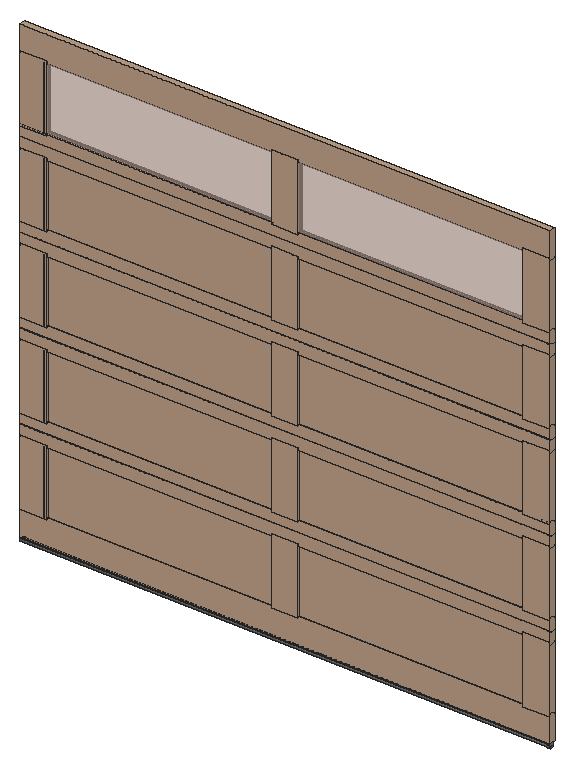
Revit family "GSNGL V 10PGT", category Doors, host Wall, Revit 2024
Family settings
  Host = Wall
  OmniClass Number = 23.30.10.00
  OmniClass Title = Doors
  Always vertical = Yes
  Cut with Voids When Loaded = No
  Shared = No
  Room Calculation Point = No
Parameters
  Wall Opening [instance] = 4880 mm
  Function = Interior
  Frame Projection Ext. = 25 mm
  Frame Projection Int. = 25 mm
  Frame Width = 75 mm
  Height = 2135 mm
  Wall Closure = By host
  Width = 2440 mm
Reference planes
  plane 1: y = 0
  plane 2 "Center (Left/Right)": x = 0
  plane 3: z = 2135
  plane 4 "Exterior": y = 75
  plane 5 "Interior": y = -75
  plane 6 "Garage Bottom": y = 75
  plane 7: z = 19.954
  plane 8 "Garage Top": z = 2190
  plane 9 "Garage Right": x = -1250
  plane 10 "Garage Left": x = 1250
Forms (mm)
  Extrusion 1, solid, material "Rubber"
    sketch origin (1220, -35, -0.049) x (0, 1, 0) y (0, 0, 1)
      loop
        line (-111, 19.909) -> (-111, 16.909) -> (-106, 16.909) -> (-106, 14.004)
        spline (-106, 14.004) -> (-109.192, 11.809) -> (-110.848, 8.808) -> (-110.659, 5.562) -> (-108.66, 2.681) -> (-105.226, 0.703) -> (-101, 0) -> (-96.774, 0.703) -> (-93.34, 2.681) -> (-91.341, 5.562) -> (-91.152, 8.808) -> (-92.808, 11.809) -> (-96, 14.004)
        line (-96, 14.004) -> (-96, 16.909) -> (-91, 16.909) -> (-91, 19.909) -> (-111, 19.909)
      loop
        line (-98, 16.909) -> (-104, 16.909) -> (-104, 14.633)
        arc (-104, 14.633) -> (-101, 15.009) -> (-98, 14.633) r 12.129
        line (-98, 14.633) -> (-98, 16.909)
      loop
        spline (-101, 1.513) -> (-98.929, 1.717) -> (-97, 2.316) -> (-95.343, 3.268) -> (-94.072, 4.509) -> (-93.273, 5.954) -> (-93, 7.505) -> (-93.273, 9.055) -> (-94.072, 10.501) -> (-95.343, 11.742) -> (-97, 12.694) -> (-98.929, 13.292) -> (-101, 13.496)
        spline (-101, 13.496) -> (-103.071, 13.292) -> (-105, 12.694) -> (-106.657, 11.742) -> (-107.928, 10.501) -> (-108.727, 9.055) -> (-109, 7.505) -> (-108.727, 5.954) -> (-107.928, 4.509) -> (-106.657, 3.268) -> (-105, 2.316) -> (-103.071, 1.717) -> (-101, 1.513)
    from -2470 to 30
  Extrusion 2, solid, material "VERSAWOOD (TEST)"
    sketch origin (891.047, 260, 1712.06) x (0, -1, 0) y (-1, 0, 0)
      loop
        line (405, 828.547) -> (405, 953.547) -> (400, 953.547) -> (400, 938.547) -> (390, 938.547) -> (390, 953.547) -> (385, 953.547) -> (385, 951.547)
        arc (385, 951.547) -> (379.704, 949.528) -> (377, 944.547) r 8.162
        line (377, 944.547) -> (375, 944.547) -> (375, 837.547) -> (377, 837.547)
        arc (377, 837.547) -> (379.704, 832.566) -> (385, 830.547) r 8.162
        line (385, 830.547) -> (385, 828.547) -> (390, 828.547) -> (390, 843.547) -> (400, 843.547) -> (400, 828.547) -> (405, 828.547)
    from 46.8 to 358.8
  Extrusion 3, solid, material "VERSAWOOD (TEST)"
    sketch origin (891.047, 260, 1298.014) x (0, -1, 0) y (-1, 0, 0)
      loop
        line (405, 828.547) -> (405, 953.547) -> (400, 953.547) -> (400, 938.547) -> (390, 938.547) -> (390, 953.547) -> (385, 953.547) -> (385, 951.547)
        arc (385, 951.547) -> (379.704, 949.528) -> (377, 944.547) r 8.162
        line (377, 944.547) -> (375, 944.547) -> (375, 837.547) -> (377, 837.547)
        arc (377, 837.547) -> (379.704, 832.566) -> (385, 830.547) r 8.162
        line (385, 830.547) -> (385, 828.547) -> (390, 828.547) -> (390, 843.547) -> (400, 843.547) -> (400, 828.547) -> (405, 828.547)
    from 37.754 to 349.754
  Extrusion 4, solid, material "VERSAWOOD (TEST)"
    sketch origin (891.047, 260, 893.014) x (0, -1, 0) y (-1, 0, 0)
      loop
        line (405, 828.547) -> (405, 953.547) -> (400, 953.547) -> (400, 938.547) -> (390, 938.547) -> (390, 953.547) -> (385, 953.547) -> (385, 951.547)
        arc (385, 951.547) -> (379.704, 949.528) -> (377, 944.547) r 8.162
        line (377, 944.547) -> (375, 944.547) -> (375, 837.547) -> (377, 837.547)
        arc (377, 837.547) -> (379.704, 832.566) -> (385, 830.547) r 8.162
        line (385, 830.547) -> (385, 828.547) -> (390, 828.547) -> (390, 843.547) -> (400, 843.547) -> (400, 828.547) -> (405, 828.547)
    from 37.754 to 350.954
  Extrusion 5, solid, material "VERSAWOOD (TEST)"
    sketch origin (891.047, 260, 486.814) x (0, -1, 0) y (-1, 0, 0)
      loop
        line (405, 828.547) -> (405, 953.547) -> (400, 953.547) -> (400, 938.547) -> (390, 938.547) -> (390, 953.547) -> (385, 953.547) -> (385, 951.547)
        arc (385, 951.547) -> (379.704, 949.528) -> (377, 944.547) r 8.162
        line (377, 944.547) -> (375, 944.547) -> (375, 837.547) -> (377, 837.547)
        arc (377, 837.547) -> (379.704, 832.566) -> (385, 830.547) r 8.162
        line (385, 830.547) -> (385, 828.547) -> (390, 828.547) -> (390, 843.547) -> (400, 843.547) -> (400, 828.547) -> (405, 828.547)
    from 37.754 to 350.954
  Extrusion 6, solid, material "VERSAWOOD (TEST)"
    sketch origin (-931.822, 260, 1706.06) x (0, -1, 0) y (-1, 0, 0)
      loop
        line (375, -2180.828) -> (405, -2180.828) -> (405, -2055.828) -> (400, -2055.828) -> (400, -2070.828) -> (390, -2070.828) -> (390, -2055.828) -> (385, -2055.828) -> (385, -2057.828)
        arc (385, -2057.828) -> (379.704, -2059.847) -> (377, -2064.828) r 8.162
        line (377, -2064.828) -> (375, -2064.828) -> (375, -2180.828)
      loop
        line (375, 318.178) -> (375, 202.178) -> (377, 202.178)
        arc (377, 202.178) -> (379.704, 197.197) -> (385, 195.178) r 8.162
        line (385, 195.178) -> (385, 193.178) -> (390, 193.178) -> (390, 208.178) -> (400, 208.178) -> (400, 193.178) -> (405, 193.178) -> (405, 318.178) -> (375, 318.178)
    from 40.8 to 352.8
  Extrusion 7, solid, material "VERSAWOOD (TEST 2)"
    sketch origin (-3675, -40, 2189.314) x (0, -1, 0) y (0, 0, 1)
      loop
        line (105, 0.546) -> (75, 0.546) -> (75, -115.454) -> (77, -115.454)
        arc (77, -115.454) -> (79.704, -120.435) -> (85, -122.454) r 8.162
        line (85, -122.454) -> (85, -124.454) -> (90, -124.454) -> (90, -109.454) -> (100, -109.454) -> (100, -124.454) -> (105, -124.454) -> (105, 0.546)
    from -4925 to -2425
  Extrusion 8, solid, material "VERSAWOOD (TEST 2)"
    sketch origin (25, -40, -1197.897) x (0, -1, 0) y (0, 0, -1)
      loop
        line (100, -1637.957) -> (100, -1652.957) -> (90, -1652.957) -> (90, -1637.957) -> (85, -1637.957) -> (85, -1639.957)
        arc (85, -1639.957) -> (79.704, -1641.976) -> (77, -1646.957) r 8.162
        line (77, -1646.957) -> (75, -1646.957) -> (75, -1687.957) -> (88.766, -1687.957)
        arc (88.766, -1687.957) -> (89.387, -1688.043) -> (89.961, -1688.296) r 2.273
        line (89.961, -1688.296) -> (101.805, -1695.617)
        arc (101.805, -1695.617) -> (102.379, -1695.87) -> (103, -1695.957) r 2.273
        line (103, -1695.957) -> (105, -1695.957) -> (105, -1637.957) -> (100, -1637.957)
      loop
        line (100, -1748.957) -> (105, -1748.957) -> (105, -1696.957) -> (103, -1696.957)
        arc (103, -1696.957) -> (102.106, -1696.832) -> (101.279, -1696.468) r 3.273
        line (101.279, -1696.468) -> (89.127, -1688.957) -> (75, -1688.957) -> (75, -1739.957) -> (77, -1739.957)
        arc (77, -1739.957) -> (79.704, -1744.938) -> (85, -1746.957) r 8.162
        line (85, -1746.957) -> (85, -1748.957) -> (90, -1748.957) -> (90, -1733.957) -> (100, -1733.957) -> (100, -1748.957)
    from -1275 to 1225
  Extrusion 9, solid, material "VERSAWOOD (TEST 2)"
    sketch origin (25, -40, -791.697) x (0, -1, 0) y (0, 0, -1)
      loop
        line (100, -1637.957) -> (100, -1652.957) -> (90, -1652.957) -> (90, -1637.957) -> (85, -1637.957) -> (85, -1639.957)
        arc (85, -1639.957) -> (79.704, -1641.976) -> (77, -1646.957) r 8.162
        line (77, -1646.957) -> (75, -1646.957) -> (75, -1687.957) -> (88.766, -1687.957)
        arc (88.766, -1687.957) -> (89.387, -1688.043) -> (89.961, -1688.296) r 2.273
        line (89.961, -1688.296) -> (101.805, -1695.617)
        arc (101.805, -1695.617) -> (102.379, -1695.87) -> (103, -1695.957) r 2.273
        line (103, -1695.957) -> (105, -1695.957) -> (105, -1637.957) -> (100, -1637.957)
      loop
        line (100, -1748.957) -> (105, -1748.957) -> (105, -1696.957) -> (103, -1696.957)
        arc (103, -1696.957) -> (102.106, -1696.832) -> (101.279, -1696.468) r 3.273
        line (101.279, -1696.468) -> (89.127, -1688.957) -> (75, -1688.957) -> (75, -1739.957) -> (77, -1739.957)
        arc (77, -1739.957) -> (79.704, -1744.938) -> (85, -1746.957) r 8.162
        line (85, -1746.957) -> (85, -1748.957) -> (90, -1748.957) -> (90, -1733.957) -> (100, -1733.957) -> (100, -1748.957)
    from -1275 to 1225
  Extrusion 10, solid, material "VERSAWOOD (TEST 2)"
    sketch origin (25, -40, -386.697) x (0, -1, 0) y (0, 0, -1)
      loop
        line (100, -1637.957) -> (100, -1652.957) -> (90, -1652.957) -> (90, -1637.957) -> (85, -1637.957) -> (85, -1639.957)
        arc (85, -1639.957) -> (79.704, -1641.976) -> (77, -1646.957) r 8.162
        line (77, -1646.957) -> (75, -1646.957) -> (75, -1687.957) -> (88.766, -1687.957)
        arc (88.766, -1687.957) -> (89.387, -1688.043) -> (89.961, -1688.296) r 2.273
        line (89.961, -1688.296) -> (101.805, -1695.617)
        arc (101.805, -1695.617) -> (102.379, -1695.87) -> (103, -1695.957) r 2.273
        line (103, -1695.957) -> (105, -1695.957) -> (105, -1637.957) -> (100, -1637.957)
      loop
        line (100, -1748.957) -> (105, -1748.957) -> (105, -1696.957) -> (103, -1696.957)
        arc (103, -1696.957) -> (102.106, -1696.832) -> (101.279, -1696.468) r 3.273
        line (101.279, -1696.468) -> (89.127, -1688.957) -> (75, -1688.957) -> (75, -1739.957) -> (77, -1739.957)
        arc (77, -1739.957) -> (79.704, -1744.938) -> (85, -1746.957) r 8.162
        line (85, -1746.957) -> (85, -1748.957) -> (90, -1748.957) -> (90, -1733.957) -> (100, -1733.957) -> (100, -1748.957)
    from -1275 to 1225
  Extrusion 11, solid, material "VERSAWOOD (TEST 2)"
    sketch origin (25, -40, 18.303) x (0, -1, 0) y (0, 0, -1)
      loop
        line (100, -1637.957) -> (100, -1652.957) -> (90, -1652.957) -> (90, -1637.957) -> (85, -1637.957) -> (85, -1639.957)
        arc (85, -1639.957) -> (79.704, -1641.976) -> (77, -1646.957) r 8.162
        line (77, -1646.957) -> (75, -1646.957) -> (75, -1687.957) -> (88.766, -1687.957)
        arc (88.766, -1687.957) -> (89.387, -1688.043) -> (89.961, -1688.296) r 2.273
        line (89.961, -1688.296) -> (101.805, -1695.617)
        arc (101.805, -1695.617) -> (102.379, -1695.87) -> (103, -1695.957) r 2.273
        line (103, -1695.957) -> (105, -1695.957) -> (105, -1637.957) -> (100, -1637.957)
      loop
        line (100, -1748.957) -> (105, -1748.957) -> (105, -1696.957) -> (103, -1696.957)
        arc (103, -1696.957) -> (102.106, -1696.832) -> (101.279, -1696.468) r 3.273
        line (101.279, -1696.468) -> (89.127, -1688.957) -> (75, -1688.957) -> (75, -1739.957) -> (77, -1739.957)
        arc (77, -1739.957) -> (79.704, -1744.938) -> (85, -1746.957) r 8.162
        line (85, -1746.957) -> (85, -1748.957) -> (90, -1748.957) -> (90, -1733.957) -> (100, -1733.957) -> (100, -1748.957)
    from -1275 to 1225
  Extrusion 12, solid, material "VERSAWOOD (TEST 2)"
    sketch origin (-3675, -40, 19.206) x (0, -1, 0) y (0, 0, 1)
      loop
        line (105, 0.654) -> (105, 125.654) -> (100, 125.654) -> (100, 110.654) -> (90, 110.654) -> (90, 125.654) -> (85, 125.654) -> (85, 123.654)
        arc (85, 123.654) -> (79.704, 121.635) -> (77, 116.654) r 8.162
        line (77, 116.654) -> (75, 116.654) -> (75, 0.654) -> (105, 0.654)
    from -4925 to -2425
  Extrusion 13, solid, material "VERSAWOOD (TEST)"
    sketch origin (-931.822, 260, 1301.06) x (0, -1, 0) y (-1, 0, 0)
      loop
        line (375, -2180.828) -> (405, -2180.828) -> (405, -2055.828) -> (400, -2055.828) -> (400, -2070.828) -> (390, -2070.828) -> (390, -2055.828) -> (385, -2055.828) -> (385, -2057.828)
        arc (385, -2057.828) -> (379.704, -2059.847) -> (377, -2064.828) r 8.162
        line (377, -2064.828) -> (375, -2064.828) -> (375, -2180.828)
      loop
        line (375, 318.178) -> (375, 202.178) -> (377, 202.178)
        arc (377, 202.178) -> (379.704, 197.197) -> (385, 195.178) r 8.162
        line (385, 195.178) -> (385, 193.178) -> (390, 193.178) -> (390, 208.178) -> (400, 208.178) -> (400, 193.178) -> (405, 193.178) -> (405, 318.178) -> (375, 318.178)
    from 40.8 to 352.8
  Extrusion 14, solid, material "VERSAWOOD (TEST)"
    sketch origin (-931.822, 260, 896.06) x (0, -1, 0) y (-1, 0, 0)
      loop
        line (375, -2180.828) -> (405, -2180.828) -> (405, -2055.828) -> (400, -2055.828) -> (400, -2070.828) -> (390, -2070.828) -> (390, -2055.828) -> (385, -2055.828) -> (385, -2057.828)
        arc (385, -2057.828) -> (379.704, -2059.847) -> (377, -2064.828) r 8.162
        line (377, -2064.828) -> (375, -2064.828) -> (375, -2180.828)
      loop
        line (375, 318.178) -> (375, 202.178) -> (377, 202.178)
        arc (377, 202.178) -> (379.704, 197.197) -> (385, 195.178) r 8.162
        line (385, 195.178) -> (385, 193.178) -> (390, 193.178) -> (390, 208.178) -> (400, 208.178) -> (400, 193.178) -> (405, 193.178) -> (405, 318.178) -> (375, 318.178)
    from 40.8 to 354
  Extrusion 15, solid, material "VERSAWOOD (TEST)"
    sketch origin (-931.822, 260, 491.86) x (0, -1, 0) y (-1, 0, 0)
      loop
        line (375, -2180.828) -> (405, -2180.828) -> (405, -2055.828) -> (400, -2055.828) -> (400, -2070.828) -> (390, -2070.828) -> (390, -2055.828) -> (385, -2055.828) -> (385, -2057.828)
        arc (385, -2057.828) -> (379.704, -2059.847) -> (377, -2064.828) r 8.162
        line (377, -2064.828) -> (375, -2064.828) -> (375, -2180.828)
      loop
        line (375, 318.178) -> (375, 202.178) -> (377, 202.178)
        arc (377, 202.178) -> (379.704, 197.197) -> (385, 195.178) r 8.162
        line (385, 195.178) -> (385, 193.178) -> (390, 193.178) -> (390, 208.178) -> (400, 208.178) -> (400, 193.178) -> (405, 193.178) -> (405, 318.178) -> (375, 318.178)
    from 42.8 to 356
  Extrusion 16, solid, material "VERSAWOOD (TEST)"
    sketch origin (891.047, 260, 2120.66) x (0, -1, 0) y (-1, 0, 0)
      loop
        line (405, 828.547) -> (405, 953.547) -> (400, 953.547) -> (400, 938.547) -> (390, 938.547) -> (390, 953.547) -> (385, 953.547) -> (385, 951.547)
        arc (385, 951.547) -> (379.704, 949.528) -> (377, 944.547) r 8.162
        line (377, 944.547) -> (375, 944.547) -> (375, 837.547) -> (377, 837.547)
        arc (377, 837.547) -> (379.704, 832.566) -> (385, 830.547) r 8.162
        line (385, 830.547) -> (385, 828.547) -> (390, 828.547) -> (390, 843.547) -> (400, 843.547) -> (400, 828.547) -> (405, 828.547)
    from 46.8 to 362.4
  Extrusion 17, solid, material "VERSAWOOD (TEST)"
    sketch origin (-931.822, 260, 2114.66) x (0, -1, 0) y (-1, 0, 0)
      loop
        line (375, -2180.828) -> (405, -2180.828) -> (405, -2055.828) -> (400, -2055.828) -> (400, -2070.828) -> (390, -2070.828) -> (390, -2055.828) -> (385, -2055.828) -> (385, -2057.828)
        arc (385, -2057.828) -> (379.704, -2059.847) -> (377, -2064.828) r 8.162
        line (377, -2064.828) -> (375, -2064.828) -> (375, -2180.828)
      loop
        line (375, 318.178) -> (375, 202.178) -> (377, 202.178)
        arc (377, 202.178) -> (379.704, 197.197) -> (385, 195.178) r 8.162
        line (385, 195.178) -> (385, 193.178) -> (390, 193.178) -> (390, 208.178) -> (400, 208.178) -> (400, 193.178) -> (405, 193.178) -> (405, 318.178) -> (375, 318.178)
    from 40.846 to 356.4
  Extrusion 18, solid, material "VERSAWOOD (TEST 4 )"
    sketch origin (-3728.244, -40, 1243.26) x (1, 0, 0) y (0, 1, 0)
      loop
        line (2594.244, -90) -> (2594.244, -100) -> (3674.744, -100) -> (3674.744, -90) -> (2594.244, -90)
      loop
        line (3781.744, -90) -> (3781.744, -100) -> (4861.25, -100) -> (4861.25, -90) -> (3781.744, -90)
    from 110 to 422
  Extrusion 19, solid, material "VERSAWOOD (TEST 4 )"
    sketch origin (-2524.494, -40, 838.26) x (1, 0, 0) y (0, 1, 0)
      loop
        line (2577.994, -90) -> (2577.994, -100) -> (3657.5, -100) -> (3657.5, -90) -> (2577.994, -90)
    from 110 to 422
  Extrusion 20, solid, material "VERSAWOOD (TEST 4 )"
    sketch origin (-3719.125, -40, 838.26) x (1, 0, 0) y (0, 1, 0)
      loop
        line (2585.125, -90) -> (2585.125, -100) -> (3665.625, -100) -> (3665.625, -90) -> (2585.125, -90)
    from 110 to 422
  Extrusion 21, solid, material "VERSAWOOD (TEST 4 )"
    sketch origin (-4920.75, -40, 27.06) x (1, 0, 0) y (0, 1, 0)
      loop
        line (4974.25, -90) -> (4974.25, -100) -> (6053.756, -100) -> (6053.756, -90) -> (4974.25, -90)
    from 108.8 to 422
  Extrusion 22, solid, material "VERSAWOOD (TEST 4 )"
    sketch origin (-4298.75, -40, 27.06) x (1, 0, 0) y (0, 1, 0)
      loop
        line (3164.75, -90) -> (3164.75, -100) -> (4245.25, -100) -> (4245.25, -90) -> (3164.75, -90)
    from 110 to 422
  Extrusion 23, solid, material "FROSTED BRONZE GLASS"
    sketch origin (-6139.994, -40, 1644.66) x (1, 0, 0) y (0, 1, 0)
      loop
        line (5005.994, -90) -> (5005.994, -100) -> (6086.494, -100) -> (6086.494, -90) -> (5005.994, -90)
      loop
        line (6193.494, -90) -> (6193.494, -100) -> (7273, -100) -> (7273, -90) -> (6193.494, -90)
    from 113.6 to 429.2
  Extrusion 24, solid, material "VERSAWOOD (TEST 4 )"
    sketch origin (-4914.75, -40, 433.26) x (1, 0, 0) y (0, 1, 0)
      loop
        line (3780.75, -90) -> (3780.75, -100) -> (4861.25, -100) -> (4861.25, -90) -> (3780.75, -90)
      loop
        line (4968.25, -90) -> (4968.25, -100) -> (6047.756, -100) -> (6047.756, -90) -> (4968.25, -90)
    from 110 to 422
Lines and regions (mm)
  Opening 1
    outline origin (-5000, 75, 0) x (-1, 0, 0) y (0, 0, 1)
      loop
        line (-3780, 0) -> (-3780, 2135) -> (-6220, 2135) -> (-6220, 0) -> (-3780, 0)
  symbolic lines, style "Elevation Swing"
    curve 1: line (-1250, -2275, 1694) -> (1250, -2275, 1694)
    curve 2: line (-1250, -105, 1694) -> (-1250, -2275, 1694)
    curve 3: line (1250, -2275, 1694) -> (1250, -105, 1694)
Text (mm)
  text "Exterior" at (-2295.016, 1099.543, 0), in view "Ref. Level"
  text "Exterior" at (0, 1615.38, 3698.081), in view "Left"
  text "Exterior" at (0, 1036.032, 3874.932), in view "Right"
Dimensions and locks
  host wall to plane 3 = 2135 mm
  locked: plane 4 "Exterior" to host wall
  locked: plane 5 "Interior" to host wall
  plane 7 to plane 8 "Garage Top" = 2170.046 mm
  level to plane 7 = 19.954 mm
  plane 8 "Garage Top" to plane 7 = 2170.046 mm
  plane 9 "Garage Right" to plane 10 "Garage Left" = 2500 mm
  plane 10 "Garage Left" to plane 9 "Garage Right" = 2500 mm
  host wall to host wall = 2440 mm
  aligned and locked: plane 1 to host wall
